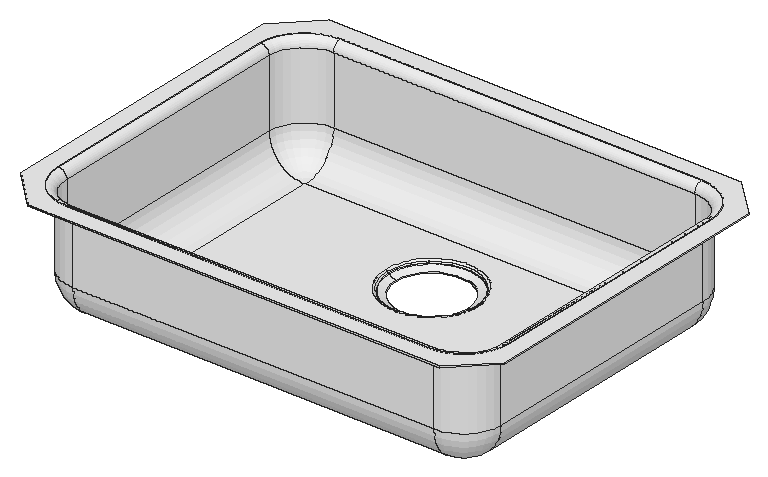
Revit family "ELUHAD211555", category Plumbing Fixtures, Revit 2019
Family settings
  Round Connector Dimension = Use Radius
  Part Type = Normal
  OmniClass Number = 23.45.05.14.14.27
  OmniClass Title = Service Sinks
  Work Plane-Based = No
  Always vertical = Yes
  Cut with Voids When Loaded = No
  Shared = No
  Room Calculation Point = No
Parameters (values of type "ELUHAD211555")
  URL = "www.elkayusa.com"
  Template Included = "Yes"
  Specification Sheet URL = ""
  Sound Deadening = "Bottom only pads"
  Sink Width = 1' - 6 1/4"
  Sink Material = Metal - Steel - Stainless - Chrome
  Sink Length = 1' - 11 1/2"
  Sink Ledge Sides Width = Sink Ledge Corner Width  # 0' - 1 1/4"
  Sink Ledge Front Width = Sink Ledge Corner Width  # 0' - 1 1/4"
  Sink Ledge Corner Width = 0' - 1 1/4"  # constant formula
  Sink Ledge Back Width = Sink Ledge Corner Width  # 0' - 1 1/4"
  Sink Dimensions = "23 1/2 inch x 18-1/4 inch x 5-3/8 inch"
  Sink Depth = 0' - 5 3/8"
  Sanitary Flow Rate = 10 GPM
  OmniClass Title = "Service Sinks"
  OmniClass Code = "23.45.05.14.14.27"
  Number of Bowls = "1"
  Nominal Radius = Nominal Dia / 2  # 0' - 0 3/4"
  Nominal Dia = 0' - 1 1/2"
  Mounting Hardware = "Undermount brackets sold separately"
  Model Number = ""
  Model = "Lustertone Undermount"
  Minimum Cabinet Size = "27 inch"
  Material = "304 Stainless Steel"
  MasterFormat Title = "Commercial Sinks"
  MasterFormat Number = "22.42.16.16"
  Manufacturer = "Elkay Manufacturing"
  Installation Type = "Undermount"
  Gauge = "18"
  Finish = "Lustrous Satin"
  Drain Size = "3-1/2 inch (89mm)"
  Drain Locations = "Rear Center"
  Drain Location = 0' - 5"
  Description = "Lustertone Single Bowl Sink"
  Deep Specification Sheet URL = ""
  Date Created = "10082021"  # constant formula
  Cutout Template # = "1000001400"
  CL Sink to CL Drain = 0' - 0"
  Bowl Width = (Sink Width - Sink Ledge Front Width - Sink Ledge Back Width)  # 1' - 3 3/4"
  Bowl Length = Sink Length - Sink Ledge Sides Width - Sink Ledge Sides Width  # 1' - 9"
  Bowl 1 Dimensions = "21 inch x 15-3/4 inch x 5-3/8 inch"
  Assembly Code = "D2010410"
Reference planes (in)
  plane 1 "CL Sink Hole": y = 2.875
  plane 2 "Top": z = 0
  plane 3 "Center (Left/Right)": x = 0
  plane 4 "Basin Edge Left": x = -10.5
  plane 5 "Basin Edge Right": x = 10.5
  plane 6 "Basin Edge Back": y = 7.875
  plane 7 "Basin Edge Front": y = -7.875
  plane 8 "Left": x = -11.75
  plane 9 "Right": x = 11.75
  plane 10 "Back": y = 9.125
  plane 11 "Front": y = -9.125
  plane 12 "Sink Angle Right": x = 9.28553
  plane 13 "Sink Angle Back": y = 6.66053
  plane 14 "Sink Angle Left": x = -9.28553
  plane 15 "Sink Angle Front": y = -6.66053
  plane 16 "Edge Radii Right": x = 10.92188
  plane 17 "Edge of Radii Left": x = -10.92187
  plane 18 "Sink Bowl Bottom (Top Face)": z = -5.375
  plane 19 "Sink Top Piece Bottom Face": z = -0.0625
  plane 20 "Top Radius Corner Prot": z = -0.42188
  plane 21: z = -3.6875
  plane 22 "Sink Bowl Bottom (Bottom Face)": z = -5.4375
  plane 23 "Left Sink Bottom Piece Left Edge": x = -8.8125
  plane 24 "Sink Bottom Piece Right Edge": x = 8.8125
  plane 25 "Sink Bottom Piece Back Edge": y = 6.1875
  plane 26 "Sink Bottom Piece Front Edge": y = -6.1875
  plane 27 "Center (Front/Back)": y = 0
  plane 28 "Bowl CL Drain": x = 0
  plane 29 "Edge Radii Front": y = -8.29687
  plane 30 "Right Sink Right Edge Radius": x = 8.75
  plane 31 "Front Edge Bottom Edge Radius": y = -6.125
  plane 32 "Back Edge Bottom Edge Radius": y = 6.125
  plane 33 "Edge Radii Back": y = 8.29687
  plane 34 "Left Bowl Bottom Edge Radius": x = -8.75
  plane 35 "Masking Region": z = 1.25157
  plane 36 "Sink Drain Elev Bottom": z = -6.875
  plane 37 "Sink Drain Elev Top": z = -6.625
  plane 38 "Top Radius Elev - 1-8": z = -0.10938
  plane 39 "Top Radius 1-8 Front": y = -7.98438
  plane 40 "Top Radius 1-8 Left": x = -10.60937
  plane 41 "Top Radius 1-8 Right": x = 10.60938
  plane 42 "Top Radius 1-8 Back": y = 7.98437
  plane 43 "Inside Radius Tangent Right": x = 9.47487
  plane 44 "Inside Radius Tangent Back": y = 6.84987
  plane 45 "Inside Radius Tangent Front": y = -6.84987
  plane 46 "Inside Radius Tangent Left": x = -9.47487
Forms (in)
  Extrusion 1, solid, material "Metal - Steel - Stainless - Chrome" <- "Sink Material"
    sketch origin (0, 0, 0) x (1, 0, 0) y (0, 1, 0)
      loop
        line (11.75, 7.36764) -> (9.99264, 9.125) -> (-9.99264, 9.125) -> (-11.75, 7.36764) -> (-11.75, -7.36764) -> (-9.99264, -9.125) -> (9.99264, -9.125) -> (11.75, -7.36764) -> (11.75, 7.36764)
      loop
        arc (-8.75, 8.29687) -> (-10.28575, 7.66075) -> (-10.92187, 6.125) r 2.17187
        line (-10.92187, 6.125) -> (-10.92188, -6.125)
        arc (-10.92188, -6.125) -> (-10.28575, -7.66075) -> (-8.75, -8.29688) r 2.17188
        line (-8.75, -8.29688) -> (8.75, -8.29688)
        arc (8.75, -8.29688) -> (10.28575, -7.66075) -> (10.92188, -6.125) r 2.17188
        line (10.92188, -6.125) -> (10.92188, 6.125)
        arc (10.92188, 6.125) -> (10.28575, 7.66075) -> (8.75, 8.29687) r 2.17188
        line (8.75, 8.29687) -> (-8.75, 8.29687)
    from -0.0625 to 0
  Extrusion 2, solid, material "Metal - Steel - Stainless - Chrome" <- "Sink Material"
    sketch origin (0, 0, 0) x (1, 0, 0) y (0, 1, 0)
      loop
        arc (-8.75, 6.1875) -> (-8.79419, 6.16919) -> (-8.8125, 6.125) r 0.0625
        line (-8.8125, 6.125) -> (-8.8125, -6.125)
        arc (-8.8125, -6.125) -> (-8.79419, -6.16919) -> (-8.75, -6.1875) r 0.0625
        line (-8.75, -6.1875) -> (8.75, -6.1875)
        arc (8.75, -6.1875) -> (8.79419, -6.16919) -> (8.8125, -6.125) r 0.0625
        line (8.8125, -6.125) -> (8.8125, 6.125)
        arc (8.8125, 6.125) -> (8.79419, 6.16919) -> (8.75, 6.1875) r 0.0625
        line (8.75, 6.1875) -> (-8.75, 6.1875)
      loop
        circle (0, 2.875) r 2.25
    from -5.4375 to -5.375
  Sweep 3, solid, material "Metal - Steel - Stainless - Chrome" <- "Sink Material"
    path origin (14.75, 0, -5.375) x (-1, 0, 0) y (0, -1, 0)
      loop
        circle (14.75, -2.875) r 2.25
    profile "profile-elkay-sink-hole-3 : profile-elkay-sink-hole-3" origin (0, 0.625, -5.375) x (0, 1, 0) y (0, 0, 1)
      loop
        line (0.5, -0.29111) -> (0.15646, -0.13437)
        arc (0.15646, -0.13437) -> (0.14249, -0.12559) -> (0.13131, -0.11346) r 0.0625
        line (0.13131, -0.11346) -> (0.08817, -0.05226)
        arc (0.08817, -0.05226) -> (0.05064, -0.01507) -> (0, 0) r 0.1086
        line (0, 0) -> (0, -0.04618)
        arc (0, -0.04618) -> (0.02621, -0.05419) -> (0.04646, -0.07265) r 0.0625
        line (0.04646, -0.07265) -> (0.09341, -0.13969)
        arc (0.09341, -0.13969) -> (0.11294, -0.16097) -> (0.13739, -0.17634) r 0.1086
        line (0.13739, -0.17634) -> (0.5, -0.34178) -> (0.5, -0.29111)
  Sweep 4, solid, material "Metal - Steel - Stainless - Chrome" <- "Sink Material"
    path origin (0, 0, 0) x (1, 0, 0) y (0, 1, 0)
      loop
        line (-8.75, -7.875) -> (8.75, -7.875)
        arc (8.75, -7.875) -> (9.98744, -7.36244) -> (10.5, -6.125) r 1.75
        line (10.5, -6.125) -> (10.5, 6.125)
        arc (10.5, 6.125) -> (9.98744, 7.36244) -> (8.75, 7.875) r 1.75
        line (8.75, 7.875) -> (-8.75, 7.875)
        arc (-8.75, 7.875) -> (-9.98744, 7.36244) -> (-10.5, 6.125) r 1.75
        line (-10.5, 6.125) -> (-10.5, -6.125)
        arc (-10.5, -6.125) -> (-9.98744, -7.36244) -> (-8.75, -7.875) r 1.75
    profile origin (0, -7.875, 0) x (0, 1, 0) y (0, 0, 1)
      loop
        arc (0, -0.42187) -> (-0.12356, -0.12356) -> (-0.42187, 0) r 0.42188
        line (-0.42187, 0) -> (-0.42187, -0.0625)
        arc (-0.42187, -0.0625) -> (-0.16776, -0.16776) -> (-0.0625, -0.42187) r 0.35938
        line (-0.0625, -0.42187) -> (-0.0625, -3.6875)
        arc (-0.0625, -3.6875) -> (0.45006, -4.92494) -> (1.6875, -5.4375) r 1.75
        line (1.6875, -5.4375) -> (1.6875, -5.375)
        arc (1.6875, -5.375) -> (0.49426, -4.88074) -> (0, -3.6875) r 1.6875
        line (0, -3.6875) -> (0, -0.42187)
  Extrusion 5, solid, material "Glass", not visible
    sketch origin (0, 0, -6.625) x (0, -1, 0) y (1, 0, 0)
      loop
        circle (-2.875, 0) r 0.75
    from -0.25 to 0
Cuts and joins
  joined: Extrusion 2, Sweep 3, Sweep 4
Lines and regions (in)
  Masking region 1
    outline origin (0, 0, 0) x (1, 0, 0) y (0, 1, 0)
      loop
        line (-10.92187, 6.125) -> (-10.92187, -6.125)
        arc (-10.92187, -6.125) -> (-10.28575, -7.66075) -> (-8.75, -8.29688) r 2.17188
        line (-8.75, -8.29688) -> (8.75, -8.29688)
        arc (8.75, -8.29688) -> (10.28575, -7.66075) -> (10.92188, -6.125) r 2.17188
        line (10.92188, -6.125) -> (10.92188, 6.125)
        arc (10.92188, 6.125) -> (10.28575, 7.66075) -> (8.75, 8.29687) r 2.17188
        line (8.75, 8.29687) -> (-8.75, 8.29687)
        arc (-8.75, 8.29687) -> (-10.28575, 7.66075) -> (-10.92187, 6.125) r 2.17187
  reference lines, not visible
    curve 1: arc (-0.625, 2.875, -3.6875) -> (-1.11926, 2.875, -4.88074) -> (-2.3125, 2.875, -5.375) r 1.6875
    curve 2: arc (-10.5, 2.875, -3.6875) -> (-10.00574, 2.875, -4.88074) -> (-8.8125, 2.875, -5.375) r 1.6875
    curve 3: arc (-0.625, 2.875, -0.42188) -> (-0.50144, 2.875, -0.12356) -> (-0.20313, 2.875, 0) r 0.42188
    curve 4: arc (0, -6.1875, -5.375) -> (0, -7.38074, -4.88074) -> (0, -7.875, -3.6875) r 1.6875
    curve 5: arc (0, -7.875, -0.42188) -> (0, -7.99856, -0.12356) -> (0, -8.29688, 0) r 0.42188
    curve 6: arc (8.8125, 6.125, 0) -> (8.79419, 6.16919, 0) -> (8.75, 6.1875, 0) r 0.0625
    curve 7: arc (8.8125, -6.125, 0) -> (8.79419, -6.16919, 0) -> (8.75, -6.1875, 0) r 0.0625
    curve 8: arc (10.5, 6.125, 1.25157) -> (9.98744, 7.36244, 1.25157) -> (8.75, 7.875, 1.25157) r 1.75
    curve 9: arc (10.5, -6.125, 1.25157) -> (9.98744, -7.36244, 1.25157) -> (8.75, -7.875, 1.25157) r 1.75
    curve 12: arc (-8.75, -6.1875, 0) -> (-8.79419, -6.16919, 0) -> (-8.8125, -6.125, 0) r 0.0625
    curve 13: arc (-8.75, 6.1875, 0) -> (-8.79419, 6.16919, 0) -> (-8.8125, 6.125, 0) r 0.0625
    curve 16: arc (-9.942, 7.40626, 1.25157) -> (-10.35445, 6.82375, 1.25157) -> (-10.5, 6.125, 1.25157) r 1.75
    curve 17: arc (-10.5, -6.125, 1.25157) -> (-9.98744, -7.36244, 1.25157) -> (-8.75, -7.875, 1.25157) r 1.75
    curve 18: circle (0, 2.875, -6.875) r 0.75 normal (0, 0, 1)
    curve 20: circle (0, 2.875, -5.375) r 1.75 normal (0, 0, 1)
    curve 29: arc (-8.75, 9, 1.25157) -> (-10.78293, 8.15793, 1.25157) -> (-11.625, 6.125, 1.25157) r 2.875
    curve 30: arc (11.25, 6.125, 1.25157) -> (10.51777, 7.89277, 1.25157) -> (8.75, 8.625, 1.25157) r 2.5
    curve 31: line (-9.47487, 7.875, 0) -> (-10.5, 6.84987, 0)
    curve 32: line (9.47487, 7.875, 0) -> (10.5, 6.84987, 0)
    curve 33: line (9.59745, 9.52019, 0) -> (12.19376, 6.92388, 0)
    curve 34: line (10.5, -6.84987, 0) -> (9.47487, -7.875, 0)
    curve 35: line (12.16329, -6.95436, 0) -> (9.61612, -9.50152, 0)
    curve 36: line (-10.5, -6.84987, 0) -> (-9.47487, -7.875, 0)
    curve 37: line (-12.34102, -6.77663, 0) -> (-9.89647, -9.22117, 0)
    curve 38: line (-9.54997, 9.56767, 0) -> (-12.15098, 6.96666, 0)
  reference lines
    curve 10: arc (10.92188, 6.125, 0) -> (10.28575, 7.66075, 0) -> (8.75, 8.29687, 0) r 2.17188
    curve 11: arc (-8.75, -8.29688, 0) -> (-10.28575, -7.66075, 0) -> (-10.92188, -6.125, 0) r 2.17188
    curve 14: arc (-8.75, 8.29687, 0) -> (-10.28575, 7.66075, 0) -> (-10.92187, 6.125, 0) r 2.17187
    curve 15: arc (10.92188, -6.125, 0) -> (10.28575, -7.66075, 0) -> (8.75, -8.29688, 0) r 2.17188
    curve 19: circle (0, 2.875, -5.375) r 2.25 normal (0, 0, 1)
    curve 21: circle (0, 2.875, -5.375) r 2.25 normal (0, 0, 1)
    curve 24: arc (0, -7.875, -0.10938) -> (0, -7.90704, -0.03204) -> (0, -7.98438, 0) r 0.10938
    curve 25: arc (10.60938, 6.125, 0) -> (10.06478, 7.43978, 0) -> (8.75, 7.98437, 0) r 1.85938
    curve 26: arc (-8.75, 7.98437, 0) -> (-10.06478, 7.43978, 0) -> (-10.60938, 6.125, 0) r 1.85938
    curve 27: arc (-8.75, -7.98438, 0) -> (-10.06478, -7.43978, 0) -> (-10.60938, -6.125, 0) r 1.85938
    curve 28: arc (10.60938, -6.125, 0) -> (10.06478, -7.43978, 0) -> (8.75, -7.98438, 0) r 1.85938
  symbolic lines, style "Sinks"
    curve 22: circle (0, 2.875, -5.375) r 2.25 normal (0, 0, 1)
    curve 23: circle (0, 2.875, -5.375) r 1.75 normal (0, 0, 1)
    curve 39: line (-8.75, 7.875, 0) -> (8.75, 7.875, 0)
    curve 40: line (10.5, 6.125, 0) -> (10.5, -6.125, 0)
    curve 41: line (-8.75, -7.875, 0) -> (8.75, -7.875, 0)
    curve 42: line (-10.5, 6.125, 0) -> (-10.5, -6.125, 0)
    curve 43: arc (10.5, 6.125, 0) -> (9.98744, 7.36244, 0) -> (8.75, 7.875, 0) r 1.75
    curve 44: arc (-8.75, 7.875, 0) -> (-9.98744, 7.36244, 0) -> (-10.5, 6.125, 0) r 1.75
    curve 45: arc (-10.5, -6.125, 0) -> (-9.98744, -7.36244, 0) -> (-8.75, -7.875, 0) r 1.75
    curve 46: arc (10.5, -6.125, 0) -> (9.98744, -7.36244, 0) -> (8.75, -7.875, 0) r 1.75
Dimensions and locks (in)
  "Sink Ledge Sides Width": plane 8 "Left" to plane 4 "Basin Edge Left"
  "Sink Ledge Sides Width": plane 5 "Basin Edge Right" to plane 9 "Right"
  "Sink Length": plane 8 "Left" to plane 9 "Right"
  "Drain Location": plane 6 "Basin Edge Back" to plane 1 "CL Sink Hole"
  "Sink Ledge Back Width": plane 10 "Back" to plane 6 "Basin Edge Back"
  "Sink Ledge Front Width": plane 7 "Basin Edge Front" to plane 11 "Front"
  plane 12 "Sink Angle Right" to plane 9 "Right" = 0' - 2.46447"
  plane 10 "Back" to plane 13 "Sink Angle Back" = 0' - 2.46447"
  plane 8 "Left" to plane 14 "Sink Angle Left" = 0' - 2.46447"
  plane 15 "Sink Angle Front" to plane 11 "Front" = 0' - 2.46447"
  "Sink Width": plane 10 "Back" to plane 11 "Front"
  locked: plane 17 "Edge of Radii Left" to plane 4 "Basin Edge Left" at 0.42188
  locked: plane 26 "Sink Bottom Piece Front Edge" to plane 7 "Basin Edge Front" at 1.6875
  locked: plane 4 "Basin Edge Left" to plane 23 "Left Sink Bottom Piece Left Edge" at 1.6875
  locked: plane 24 "Sink Bottom Piece Right Edge" to plane 5 "Basin Edge Right" at 1.6875
  locked: plane 6 "Basin Edge Back" to plane 25 "Sink Bottom Piece Back Edge" at 1.6875
  locked: plane 5 "Basin Edge Right" to plane 16 "Edge Radii Right" at 0.42188
  equal spacing: plane 10 "Back", plane 27 "Center (Front/Back)", plane 11 "Front"
  equal spacing: plane 8 "Left", plane 3 "Center (Left/Right)", plane 9 "Right"
  "CL Sink to CL Drain": plane 3 "Center (Left/Right)" to plane 28 "Bowl CL Drain"
  locked: plane 30 "Right Sink Right Edge Radius" to plane 24 "Sink Bottom Piece Right Edge" at 0.0625
  locked: plane 31 "Front Edge Bottom Edge Radius" to plane 26 "Sink Bottom Piece Front Edge" at 0.0625
  locked: plane 25 "Sink Bottom Piece Back Edge" to plane 32 "Back Edge Bottom Edge Radius" at 0.0625
  locked: plane 33 "Edge Radii Back" to plane 6 "Basin Edge Back" at 0.42188
  locked: plane 7 "Basin Edge Front" to plane 29 "Edge Radii Front" at 0.42187
  locked: plane 23 "Left Sink Bottom Piece Left Edge" to plane 34 "Left Bowl Bottom Edge Radius" at 0.0625
  "Sink Depth": plane 2 "Top" to plane 18 "Sink Bowl Bottom (Top Face)"
  locked: plane 2 "Top" to plane 20 "Top Radius Corner Prot" at 0.42188
  locked: plane 2 "Top" to plane 19 "Sink Top Piece Bottom Face" at 0.0625
  locked: plane 21 to plane 18 "Sink Bowl Bottom (Top Face)" at 1.6875
  locked: plane 18 "Sink Bowl Bottom (Top Face)" to plane 22 "Sink Bowl Bottom (Bottom Face)" at 0.0625
  locked: plane 35 "Masking Region" to plane 2 "Top" at 1.25157
  locked: plane 18 "Sink Bowl Bottom (Top Face)" to plane 36 "Sink Drain Elev Bottom" at 1.5
  locked: plane 37 "Sink Drain Elev Top" to plane 36 "Sink Drain Elev Bottom" at 0.25
  locked: plane 39 "Top Radius 1-8 Front" to plane 7 "Basin Edge Front" at 0.10938
  locked: plane 2 "Top" to plane 38 "Top Radius Elev - 1-8" at 0.10938
  locked: plane 40 "Top Radius 1-8 Left" to plane 4 "Basin Edge Left" at 0.10938
  locked: plane 5 "Basin Edge Right" to plane 41 "Top Radius 1-8 Right" at 0.10938
  locked: plane 42 "Top Radius 1-8 Back" to plane 6 "Basin Edge Back" at 0.10938
  locked: plane 32 "Back Edge Bottom Edge Radius" to plane 44 "Inside Radius Tangent Back" at 0.72487
  locked: plane 30 "Right Sink Right Edge Radius" to plane 43 "Inside Radius Tangent Right" at 0.72487
  locked: plane 45 "Inside Radius Tangent Front" to plane 31 "Front Edge Bottom Edge Radius" at 0.72487
  locked: plane 46 "Inside Radius Tangent Left" to plane 34 "Left Bowl Bottom Edge Radius" at 0.72487
  "Sink Ledge Corner Width": curve 32 to curve 33
  "Sink Ledge Corner Width": curve 34 to curve 35
  "Sink Ledge Corner Width": curve 37 to curve 36
  "Sink Ledge Corner Width": curve 38 to curve 31
  plane 10 "Back" to plane 11 "Front" = 1' - 6 1/4"
  plane 8 "Left" to plane 9 "Right" = 1' - 11 1/2"
  "Nominal Radius": radius of curve 18
  aligned: Extrusion 1 to plane 19 "Sink Top Piece Bottom Face"
  aligned: Extrusion 2 to plane 18 "Sink Bowl Bottom (Top Face)"
  aligned and locked: Extrusion 2 to plane 22 "Sink Bowl Bottom (Bottom Face)"
  aligned and locked: plane 18 "Sink Bowl Bottom (Top Face)" to Extrusion 2
  aligned and locked: Extrusion 2 sketch curve to curve 7
  aligned and locked: Extrusion 2 sketch curve to curve 6
  aligned and locked: Sweep 4 sketch curve to curve 8
  aligned and locked: Sweep 4 sketch curve to curve 9
  aligned and locked: Sweep 4 sketch curve to curve 4
  aligned and locked: Extrusion 1 sketch curve to plane 9 "Right"
  aligned and locked: Extrusion 1 sketch curve to plane 10 "Back"
  aligned and locked: Extrusion 1 sketch curve to plane 8 "Left"
  aligned and locked: Extrusion 1 sketch curve to plane 11 "Front"
  aligned and locked: plane 2 "Top" to Extrusion 1
  aligned and locked: Extrusion 1 to plane 19 "Sink Top Piece Bottom Face"
  aligned and locked: Extrusion 5 sketch curve to curve 18
  aligned and locked: Extrusion 5 to plane 36 "Sink Drain Elev Bottom"
  aligned and locked: plane 37 "Sink Drain Elev Top" to Extrusion 5
  aligned and locked: Sweep 4 sketch curve to curve 16
  aligned and locked: Sweep 4 sketch curve to curve 17
  aligned and locked: Extrusion 2 sketch curve to curve 13
  aligned and locked: Extrusion 2 sketch curve to curve 12
  aligned and locked: Sweep 3 sketch curve to curve 19
  aligned and locked: Extrusion 2 sketch curve to curve 19
  aligned and locked: curve 22 to curve 21
  aligned and locked: curve 23 to curve 20
  aligned and locked: curve 33 to Extrusion 1 sketch curve
  aligned and locked: curve 35 to Extrusion 1 sketch curve
  aligned and locked: curve 37 to Extrusion 1 sketch curve
  aligned and locked: curve 38 to Extrusion 1 sketch curve
  aligned and locked: Masking region 1 sketch curve to curve 10
  aligned and locked: Masking region 1 sketch curve to curve 14
  aligned and locked: Masking region 1 sketch curve to curve 11
  aligned and locked: Masking region 1 sketch curve to curve 15
  aligned and locked: curve 43 to curve 8
  aligned and locked: curve 44 to curve 16
  aligned and locked: curve 45 to curve 17
  aligned and locked: curve 46 to curve 9
  aligned and locked: Sweep 4 sketch curve to curve 5
  aligned and locked: Sweep 4 sketch curve to plane 29 "Edge Radii Front"
  aligned and locked: Extrusion 1 sketch curve to curve 14
  aligned and locked: Extrusion 1 sketch curve to curve 11
  aligned and locked: Extrusion 1 sketch curve to curve 15
  aligned and locked: Extrusion 1 sketch curve to curve 10
Automatic sketch dimensions
  curve 2 to plane 4 "Basin Edge Left" = 0' - 0"
  curve 2 to plane 21 = 0' - 0"
  curve 2 to plane 23 "Left Sink Bottom Piece Left Edge" = 0' - 0"
  curve 1 to plane 18 "Sink Bowl Bottom (Top Face)" = 0' - 0"
  curve 3 to plane 20 "Top Radius Corner Prot" = 0' - 0"
  curve 1 to plane 21 = 0' - 0"
  plane 1 "CL Sink Hole" to curve 18 = 0' - 0"
  curve 18 to plane 28 "Bowl CL Drain" = 0' - 0"
  curve 3 to level = 0' - 0"
  curve 1 to plane 3 "Center (Left/Right)" = 0' - 2 5/16"
  curve 3 to plane 3 "Center (Left/Right)" = 0' - 0 5/8"
  curve 19 to curve 20 = 0' - 0"  (x2)
  curve 19 to curve 21 = 0' - 0"  (x2)
  curve 20 to curve 21 = 0' - 0"  (x2)
  plane 1 "CL Sink Hole" to curve 20 = 0' - 0"
  curve 20 to plane 28 "Bowl CL Drain" = 0' - 0"
  curve 8 to plane 5 "Basin Edge Right" = 0' - 0"
  curve 16 to plane 4 "Basin Edge Left" = 0' - 0"
  curve 17 to plane 4 "Basin Edge Left" = 0' - 0"
  curve 9 to plane 5 "Basin Edge Right" = 0' - 0"
  curve 5 to level = 0' - 0"
  curve 5 to plane 29 "Edge Radii Front" = 0' - 0"
  curve 24 to plane 38 "Top Radius Elev - 1-8" = 0' - 0"
  curve 24 to plane 39 "Top Radius 1-8 Front" = 0' - 0"
  curve 5 to plane 7 "Basin Edge Front" = 0' - 0"
  curve 4 to plane 7 "Basin Edge Front" = 0' - 0"
  curve 24 to plane 7 "Basin Edge Front" = 0' - 0"
  curve 4 to plane 21 = 0' - 0"
  curve 4 to plane 26 "Sink Bottom Piece Front Edge" = 0' - 0"
  Sweep 4 sketch curve to Sweep 4 sketch curve = 0' - 0"  (x2)
  curve 8 to curve 30 = 0' - 0"  (x4)
  plane 5 "Basin Edge Right" to curve 30 = 0' - 0 3/4"
  curve 6 to curve 10 = 0' - 0"  (x2)
  curve 6 to curve 25 = 0' - 0"  (x2)
  curve 7 to curve 15 = 0' - 0"  (x2)
  curve 7 to curve 28 = 0' - 0"  (x2)
  curve 10 to curve 25 = 0' - 0"  (x2)
  curve 11 to curve 12 = 0' - 0"  (x2)
  curve 11 to curve 27 = 0' - 0"  (x2)
  curve 12 to curve 27 = 0' - 0"  (x2)
  curve 13 to curve 14 = 0' - 0"  (x2)
  curve 13 to curve 26 = 0' - 0"  (x2)
  curve 14 to curve 26 = 0' - 0"  (x2)
  curve 15 to curve 28 = 0' - 0"  (x2)
  curve 14 to plane 17 "Edge of Radii Left" = 0' - 0"
  curve 11 to plane 17 "Edge of Radii Left" = 0' - 0"
  plane 32 "Back Edge Bottom Edge Radius" to curve 26 = 0' - 0"
  curve 26 to plane 40 "Top Radius 1-8 Left" = 0' - 0"
  plane 31 "Front Edge Bottom Edge Radius" to curve 27 = 0' - 0"
  curve 27 to plane 40 "Top Radius 1-8 Left" = 0' - 0"
  curve 31 to plane 4 "Basin Edge Left" = 0' - 0"
  curve 36 to plane 4 "Basin Edge Left" = 0' - 0"
  curve 31 to plane 6 "Basin Edge Back" = 0' - 0"
  curve 31 to plane 46 "Inside Radius Tangent Left" = 0' - 0"
  curve 36 to plane 7 "Basin Edge Front" = 0' - 0"
  curve 36 to plane 46 "Inside Radius Tangent Left" = 0' - 0"
  curve 12 to plane 23 "Left Sink Bottom Piece Left Edge" = 0' - 0"
  curve 13 to plane 23 "Left Sink Bottom Piece Left Edge" = 0' - 0"
  curve 13 to plane 34 "Left Bowl Bottom Edge Radius" = 0' - 0"
  curve 12 to plane 26 "Sink Bottom Piece Front Edge" = 0' - 0"
  curve 25 to plane 30 "Right Sink Right Edge Radius" = 0' - 0"
  curve 15 to plane 29 "Edge Radii Front" = 0' - 0"
  curve 15 to plane 30 "Right Sink Right Edge Radius" = 0' - 0"
  curve 7 to plane 24 "Sink Bottom Piece Right Edge" = 0' - 0"
  curve 6 to plane 24 "Sink Bottom Piece Right Edge" = 0' - 0"
  curve 34 to plane 7 "Basin Edge Front" = 0' - 0"
  curve 34 to plane 43 "Inside Radius Tangent Right" = 0' - 0"
  curve 32 to plane 6 "Basin Edge Back" = 0' - 0"
  curve 32 to plane 43 "Inside Radius Tangent Right" = 0' - 0"
  curve 34 to plane 5 "Basin Edge Right" = 0' - 0"
  curve 32 to plane 5 "Basin Edge Right" = 0' - 0"
  plane 32 "Back Edge Bottom Edge Radius" to curve 25 = 0' - 0"
  curve 25 to plane 41 "Top Radius 1-8 Right" = 0' - 0"
  plane 31 "Front Edge Bottom Edge Radius" to curve 28 = 0' - 0"
  curve 28 to plane 41 "Top Radius 1-8 Right" = 0' - 0"
  curve 10 to plane 16 "Edge Radii Right" = 0' - 0"
  plane 45 "Inside Radius Tangent Front" to curve 34 = 0' - 0"
  plane 45 "Inside Radius Tangent Front" to curve 36 = 0' - 0"
  curve 32 to plane 44 "Inside Radius Tangent Back" = 0' - 0"
  curve 31 to plane 44 "Inside Radius Tangent Back" = 0' - 0"
  plane 44 "Inside Radius Tangent Back" to curve 38 = 0' - 0.11679"
  curve 37 to plane 45 "Inside Radius Tangent Front" = 0' - 0.07325"
  curve 37 to plane 11 "Front" = 0' - 0.09617"
  curve 38 to plane 46 "Inside Radius Tangent Left" = 0' - 0.0751"
  curve 33 to plane 43 "Inside Radius Tangent Right" = 0' - 0.12257"
  curve 35 to plane 43 "Inside Radius Tangent Right" = 0' - 0.14124"
  plane 45 "Inside Radius Tangent Front" to curve 35 = 0' - 0.10448"
  plane 44 "Inside Radius Tangent Back" to curve 33 = 0' - 0.074"
  curve 16 to curve 29 = 0' - 0"  (x2)
  plane 32 "Back Edge Bottom Edge Radius" to curve 16 = 0' - 0"
  curve 16 to plane 34 "Left Bowl Bottom Edge Radius" = 0' - 0"
  curve 16 to plane 46 "Inside Radius Tangent Left" = 0' - 0.46713"
  plane 8 "Left" to curve 29 = 0' - 0 1/8"
  plane 31 "Front Edge Bottom Edge Radius" to curve 17 = 0' - 0"
  curve 17 to plane 34 "Left Bowl Bottom Edge Radius" = 0' - 0"
  curve 9 to plane 7 "Basin Edge Front" = 0' - 0"
  curve 9 to plane 30 "Right Sink Right Edge Radius" = 0' - 0"
  curve 8 to plane 6 "Basin Edge Back" = 0' - 0"
  curve 8 to plane 30 "Right Sink Right Edge Radius" = 0' - 0"
  profile plane to Sweep 4 sketch curve = 0' - 0 1/16"
  radius of curve 19 = 0' - 2 1/4"
  radius of curve 20 = 0' - 1 3/4"
  radius of curve 21 = 0' - 2 1/4"
Connectors (in)
  piping at (0, 2.875, -6.625), diameter 1.5, driven by "Nominal Radius", driven by "Sanitary Flow Rate"
    settings: on Extrusion 5, index 2, connector inside diameter 1 1/2", connector length 0' - 0", flow factor 0, pipe flow 10 GPM, pressure drop 0.00 psi, fitting loss kfactor 0, connector angle 0.00°, fixture units 0, engagement length 0' - 0", angle of deflection 0.00°, flow configuration 1, flow direction 2, fitting loss method 0, system type 16, joint type 0, gender type 0, connector reference index -1, connector utility 0, adjustable connector yes, is connector primary yes, connector description "Sink Drain Right"
